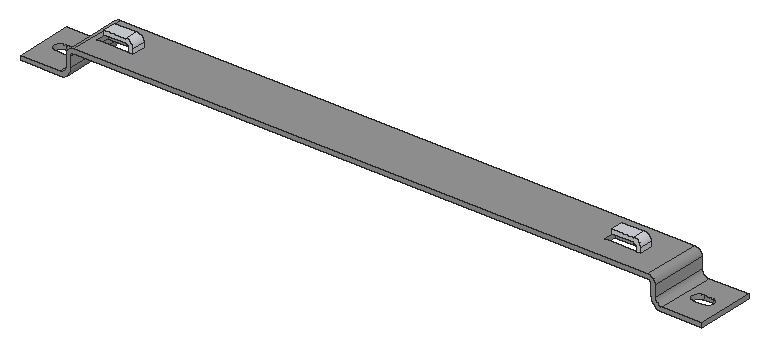
Revit family "Distanzbügel_FT_FS_FTSO_400", category Generic Models, Revit 2017
Family settings
  Can host rebar = No
  Round Connector Dimension = Use Diameter
  Part Type = Normal
  Work Plane-Based = No
  Always vertical = Yes
  Cut with Voids When Loaded = No
  Shared = No
  Room Calculation Point = No
Parameters (values of type "DBLG 20 400 FT")
  Width 1 = Width / 2  # 200 mm
  Width = 400 mm
  URL = "http://www.obo-bettermann.com"
  Material = Hot-dip galvanised
  Manufacturer Art.No. = "6015691"
  Manufacturer = "OBO BETTERMANN"
  Length = 40 mm
  GTIN = "4012196043446"
  Cut's number = 2
  Article Type = "DBLG 20 400 FT"
Types (3, lengths in mm): name | Material | Manufacturer Art.No. | GTIN | Article Type
  (no name) | Hot-dip galvanised | "6015691" | "4012196043446" | "DBLG 20 400 FT"
  DBLG 20 400 FS | Strip-galvanised | "6015689" | "4012196961764" | "DBLG 20 400 FS"
  DBLG 20 400 FT | Hot-dip galvanised | "6015691" | "4012196043446" | "DBLG 20 400 FT"
Reference planes
  plane 1 "Center (Front/Back)": y = 0
  plane 2: z = 0
  plane 3 "Center (Left/Right)": x = 0
Forms (mm)
  Extrusion 1, solid, material "Hot-dip galvanised" <- "Material"
    sketch origin (0, 0, 0) x (1, 0, 0) y (0, 0, 1)
      loop
        line (-198, 17) -> (198, 17)
        arc (198, 17) -> (199.414, 16.414) -> (200, 15) r 2
        line (200, 15) -> (200, 7.5)
        arc (200, 7.5) -> (202.197, 2.197) -> (207.5, 0) r 7.5
        line (207.5, 0) -> (235, 0) -> (235, 3) -> (207.5, 3)
        arc (207.5, 3) -> (204.318, 4.318) -> (203, 7.5) r 4.5
        line (203, 7.5) -> (203, 14.954)
        arc (203, 14.954) -> (201.536, 18.49) -> (198, 19.954) r 5
        line (198, 19.954) -> (-198, 19.954)
        arc (-198, 19.954) -> (-201.536, 18.49) -> (-203, 14.954) r 5
        line (-203, 14.954) -> (-203, 7.5)
        arc (-203, 7.5) -> (-204.318, 4.318) -> (-207.5, 3) r 4.5
        line (-207.5, 3) -> (-235, 3) -> (-235, 0) -> (-207.5, 0)
        arc (-207.5, 0) -> (-202.197, 2.197) -> (-200, 7.5) r 7.5
        line (-200, 7.5) -> (-200, 15)
        arc (-200, 15) -> (-199.414, 16.414) -> (-198, 17) r 2
    from -40 to 0
  Extrusion 2, void
    sketch origin (0, 0, 0) x (1, 0, 0) y (0, 1, 0)
      loop
        arc (-223, 24.5) -> (-227.5, 20) -> (-223, 15.5) r 4.5
        line (-223, 15.5) -> (-217, 15.5)
        arc (-217, 15.5) -> (-212.5, 20) -> (-217, 24.5) r 4.5
        line (-217, 24.5) -> (-223, 24.5)
    from 0 to 3
  Extrusion 3, void
    sketch origin (0, 0, 0) x (1, 0, 0) y (0, 1, 0)
      loop
        arc (217, 24.5) -> (212.5, 20) -> (217, 15.5) r 4.5
        line (217, 15.5) -> (223, 15.5)
        arc (223, 15.5) -> (227.5, 20) -> (223, 24.5) r 4.5
        line (223, 24.5) -> (217, 24.5)
    from 0 to 3
  Extrusion 4, void
    sketch origin (0, 0, 0) x (1, 0, 0) y (0, 1, 0)
      loop
        line (-194.5, 24.5) -> (-194.5, 15.5) -> (-172.5, 15.5) -> (-172.5, 24.5) -> (-194.5, 24.5)
    from 17 to 20
  Extrusion 5, void
    sketch origin (350, 0, 0) x (1, 0, 0) y (0, 1, 0)
      loop
        line (-194.5, 24.5) -> (-194.5, 15.5) -> (-172.5, 15.5) -> (-172.5, 24.5) -> (-194.5, 24.5)
    from 17 to 20
  Extrusion 6, solid
    sketch origin (0, 0, 0) x (1, 0, 0) y (0, 0, 1)
      loop
        line (-172.5, 19.954) -> (-169.5, 19.954) -> (-169.5, 23.03)
        arc (-169.5, 23.03) -> (-170.956, 26.544) -> (-174.47, 28) r 4.97
        line (-174.47, 28) -> (-189.512, 28) -> (-189.512, 25) -> (-174.47, 25)
        arc (-174.47, 25) -> (-173.077, 24.423) -> (-172.5, 23.03) r 1.97
        line (-172.5, 23.03) -> (-172.5, 19.954)
    from -24.5 to -15.5
  Extrusion 7, solid
    sketch origin (350, 0, 0) x (1, 0, 0) y (0, 0, 1)
      loop
        line (-172.5, 19.954) -> (-169.5, 19.954) -> (-169.5, 23.03)
        arc (-169.5, 23.03) -> (-170.956, 26.544) -> (-174.47, 28) r 4.97
        line (-174.47, 28) -> (-189.512, 28) -> (-189.512, 25) -> (-174.47, 25)
        arc (-174.47, 25) -> (-173.077, 24.423) -> (-172.5, 23.03) r 1.97
        line (-172.5, 23.03) -> (-172.5, 19.954)
    from -24.5 to -15.5
Cuts and joins
  Extrusion 2, Extrusion 3, Extrusion 4, Extrusion 5 cuts Extrusion 1
Dimensions and locks
  "Length": Extrusion 1 to Extrusion 1
  "Width": Extrusion 1 sketch curve to Extrusion 1 sketch curve
  "Width 1": plane 3 "Center (Left/Right)" to Extrusion 1 sketch curve
  locked: Extrusion 2 sketch curve to Extrusion 2 sketch curve at 9
  locked: Extrusion 1 to Extrusion 2 sketch curve at 15.5
  locked: Extrusion 1 to Extrusion 2 sketch curve at 7.5
  locked: Extrusion 1 to Extrusion 2 sketch curve at 22.5
  locked: cut or joined group of Extrusion 1, Extrusion 2, Extrusion 3, Extrusion 4, Extrusion 5 to Extrusion 3 sketch curve at 15.5
  locked: Extrusion 3 sketch curve to Extrusion 3 sketch curve at 9
  locked: Extrusion 3 sketch curve to cut or joined group of Extrusion 1, Extrusion 2, Extrusion 3, Extrusion 4, Extrusion 5 at 7.5
  locked: Extrusion 3 sketch curve to cut or joined group of Extrusion 1, Extrusion 2, Extrusion 3, Extrusion 4, Extrusion 5 at 22.5
  locked: Extrusion 4 sketch curve to Extrusion 4 sketch curve at 9
  locked: Extrusion 4 sketch curve to Extrusion 4 sketch curve at 22
  locked: cut or joined group of Extrusion 1, Extrusion 2, Extrusion 3, Extrusion 4, Extrusion 5 to cut or joined group of Extrusion 1, Extrusion 2, Extrusion 3, Extrusion 4, Extrusion 5 at 15.5  (x2)
  locked: cut or joined group of Extrusion 1, Extrusion 2, Extrusion 3, Extrusion 4, Extrusion 5 to cut or joined group of Extrusion 1, Extrusion 2, Extrusion 3, Extrusion 4, Extrusion 5 at 62.5
  locked: Extrusion 5 sketch curve to Extrusion 5 sketch curve at 9
  locked: Extrusion 5 sketch curve to Extrusion 5 sketch curve at 22
  group 1 to group 2 = 350 mm
  group 1 to group 2 = 0 mm  (x2)
  locked: cut or joined group of Extrusion 1, Extrusion 2, Extrusion 3, Extrusion 4, Extrusion 5 to cut or joined group of Extrusion 1, Extrusion 2, Extrusion 3, Extrusion 4, Extrusion 5 at 79.5
  locked: Extrusion 6 sketch curve to Extrusion 6 sketch curve at 3
  Extrusion 6 sketch curve to Extrusion 6 sketch curve = 3 mm
  locked: Extrusion 6 sketch curve to Extrusion 6 sketch curve at 20.012
  Extrusion 6 sketch curve to Extrusion 6 sketch curve = 17.012 mm
  locked: Extrusion 7 sketch curve to Extrusion 7 sketch curve at 3
  Extrusion 7 sketch curve to Extrusion 7 sketch curve = 3 mm
  locked: Extrusion 7 sketch curve to Extrusion 7 sketch curve at 20.012
  Extrusion 7 sketch curve to Extrusion 7 sketch curve = 17.012 mm
  group 3 to group 4 = 350 mm
  group 3 to group 4 = 0 mm  (x2)
  aligned and locked: level to plane 2
  aligned and locked: Extrusion 1 sketch curve to level  (x2)
  aligned and locked: plane 1 "Center (Front/Back)" to Extrusion 1
  aligned and locked: Extrusion 1 to level
  aligned and locked: Extrusion 2 to level
  aligned and locked: Extrusion 1 to Extrusion 2
  aligned and locked: Extrusion 3 to level
  aligned and locked: Extrusion 1 to Extrusion 3
  aligned and locked: Extrusion 1 to Extrusion 4  (x2)
  aligned and locked: cut or joined group of Extrusion 1, Extrusion 2, Extrusion 3, Extrusion 4, Extrusion 5 to cut or joined group of Extrusion 1, Extrusion 2, Extrusion 3, Extrusion 4, Extrusion 5  (x2)
  aligned and locked: Extrusion 6 to cut or joined group of Extrusion 1, Extrusion 2, Extrusion 3, Extrusion 4, Extrusion 5  (x2)
  aligned and locked: cut or joined group of Extrusion 1, Extrusion 2, Extrusion 3, Extrusion 4, Extrusion 5 to Extrusion 6
Automatic sketch dimensions
  Extrusion 1 sketch curve to Extrusion 1 sketch curve = 0 mm  (x6)
  Extrusion 1 sketch curve to Extrusion 1 sketch curve = 4.5 mm  (x2)
  Extrusion 1 sketch curve to Extrusion 1 sketch curve = 2 mm  (x2)
  Extrusion 1 sketch curve to Extrusion 1 sketch curve = 27.5 mm  (x2)
  Extrusion 1 sketch curve to Extrusion 1 sketch curve = 0.046 mm  (x2)
  Extrusion 1 sketch curve to Extrusion 1 sketch curve = 7.454 mm
  Extrusion 1 sketch curve to Extrusion 1 sketch curve = 3 mm
  Extrusion 6 sketch curve to Extrusion 6 sketch curve = 0 mm  (x3)
  Extrusion 6 sketch curve to Extrusion 6 sketch curve = 1.97 mm
  Extrusion 6 sketch curve to Extrusion 6 sketch curve = 3.076 mm
  Extrusion 7 sketch curve to Extrusion 7 sketch curve = 0 mm  (x3)
  Extrusion 7 sketch curve to Extrusion 7 sketch curve = 1.97 mm
  Extrusion 7 sketch curve to Extrusion 7 sketch curve = 3.076 mm
